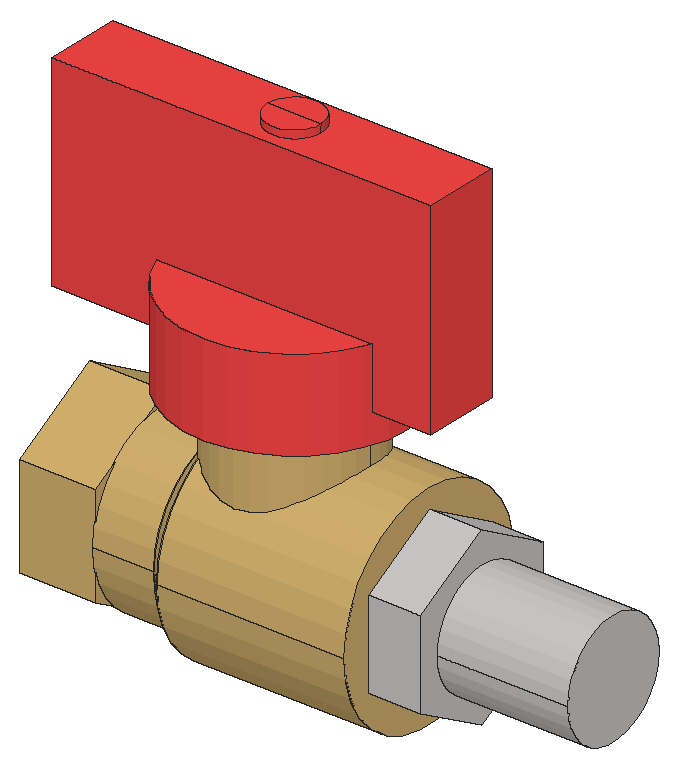
Revit family "Draining Ball Valve_DN10-15_RFA", category Pipe Accessories, Revit 2019
Family settings
  Round Connector Dimension = Use Diameter
  Part Type = Valve - Breaks Into
  Work Plane-Based = No
  Always vertical = Yes
  Cut with Voids When Loaded = No
  Shared = No
Parameters (values of type "Draining Ball Valve_DN15_065B7801")
  Valve Body Material = Danfoss Brass
  URL = "https://store.danfoss.com/en/Climate-Solutions-for-heating/Strainers/Strainers-for-District-Heating-and-District-Cooling/c/4071?q=%3Arelevance%3Adanfoss_producttypehierarchydesc%3A463f01af98c9a3e72848813a607d201b1b4320d1&text="
  Pressure Drop [instance] = 0.0 Pa
  Model Type = "Draining Ball Valve_DN15"
  Model = "065B7801"
  Manufacturer = "Danfoss"  # constant formula
  LOD 350 = not(LOD 200)  # yes
  LOD 200 = no
  L1 = 27 mm
  L8 = 22 mm
  L7 = 50 mm
  L6 = 10 mm
  L5 = 8 mm
  L4 = 2 mm
  L3 = 7 mm
  L2 = 17.3 mm
  L = 69 mm
  H1 = 20 mm
  H = 52 mm
  Flow [instance] = 0.0 L/s
  Description = "Draining Ball Valve"  # constant formula
  D4 = 23 mm
  D3 = 28 mm
  D2 = 24 mm
  D1 = 20 mm
  D = 15 mm
Types (2, lengths in mm): name | Model Type | Model | L1 | L8 | L7 | L6 | L5 | L4 | L3 | L2 | L | H1 | H | D4 | D3 | D2 | D1 | D
  Draining Ball Valve_DN10_065B7802 | "Draining Ball Valve_DN10" | "065B7802" | 20 | 20 | 43 | 8 | 6 | 1.5 | 5 | 10 | 52 | 12 | 36 | 15 | 16 | 13.856 | 12 | 10
  Draining Ball Valve_DN15_065B7801 | "Draining Ball Valve_DN15" | "065B7801" | 27 | 22 | 50 | 10 | 8 | 2 | 7 | 17.3 | 69 | 20 | 52 | 23 | 28 | 24 | 20 | 15
Reference planes
  plane 1 "Center (Front/Back)": y = 0
  plane 2: z = 0
  plane 3 "Center (Left/Right)": x = 0
  plane 4: x = 17.3
  plane 5: x = -51.7
  plane 6: x = -24.7
  plane 7: x = -41.7
  plane 8: x = -7
  plane 9: x = -33.7
  plane 10: x = -31.7
  plane 11: x = -52.7
  plane 12: x = -2.7
  plane 13: z = 52
  plane 14: z = 51
  plane 15: z = 20
  plane 16: z = 24
Forms (mm)
  Extrusion 1, solid, material "Danfoss Carbon Steel", visible <- "LOD 350", detail levels fine
    sketch origin (0, 0, 0) x (0, 1, 0) y (0, 0, 1)
      loop
        circle (0, 0) r 7.5
    from 0 to 17.3
  Extrusion 2, solid, material "Danfoss Carbon Steel", visible <- "LOD 350", detail levels fine
    sketch origin (0, 0, 0) x (0, 1, 0) y (0, 0, 1)
      loop
        line (-10, -5.774) -> (0, -11.547) -> (10, -5.774) -> (10, 5.774) -> (0, 11.547) -> (-10, 5.774) -> (-10, -5.774)
    from -7 to 0
  Extrusion 3, solid, material "Danfoss Brass" <- "Valve Body Material", visible <- "LOD 350", detail levels fine
    sketch origin (0, 0, 0) x (0, 1, 0) y (0, 0, 1)
      loop
        circle (0, 0) r 14
    from -31.7 to -7
  Blend 4, solid, material "Danfoss Brass" <- "Valve Body Material", visible <- "LOD 350", detail levels fine
    base sketch origin (0, 0, 0) x (0, 1, 0) y (0, 0, 1)
      loop
        circle (0, 0) r 14
    top sketch origin (0, 0, 0) x (0, 1, 0) y (0, 0, 1)
      loop
        circle (0, 0) r 12
    from -31.7 to -33.7
  Extrusion 5, solid, material "Danfoss Brass" <- "Valve Body Material", visible <- "LOD 350", detail levels fine
    sketch origin (0, 0, 0) x (0, 1, 0) y (0, 0, 1)
      loop
        circle (0, 0) r 12
    from -41.7 to -33.7
  Extrusion 6, solid, material "Danfoss Brass" <- "Valve Body Material", visible <- "LOD 350", detail levels fine
    sketch origin (0, 0, 0) x (0, 1, 0) y (0, 0, 1)
      loop
        line (-11.5, -6.64) -> (0, -13.279) -> (11.5, -6.64) -> (11.5, 6.64) -> (0, 13.279) -> (-11.5, 6.64) -> (-11.5, -6.64)
    from -51.7 to -41.7
  Extrusion 7, solid, material "Danfoss Brass" <- "Valve Body Material", detail levels fine
    sketch origin (0, 0, 0) x (1, 0, 0) y (0, 1, 0)
      loop
        circle (-24.7, 0) r 10
    from 0 to 20
  Revolve 8, solid, material "Danfoss Plastic Red", detail levels fine
    sketch origin (0, 0, 0) x (1, 0, 0) y (0, 0, 1)
      loop
        line (-39.7, 20) -> (-24.7, 20) -> (-24.7, 52) -> (-28.2, 52) -> (-28.2, 32) -> (-39.7, 32) -> (-39.7, 20)
      axis (-24.7, 52) -> (-24.7, 20)
    angle from 0 to 360
  Extrusion 9, solid, material "Danfoss Plastic Red", detail levels fine
    sketch origin (0, 0, 0) x (1, 0, 0) y (0, 1, 0)
      loop
        line (-52.7, 5) -> (-52.7, -5) -> (-2.7, -5) -> (-2.7, 5) -> (-52.7, 5)
    from 24 to 51
  Extrusion 10, solid, material "Danfoss Brass" <- "Valve Body Material", visible <- "LOD 200"
    sketch origin (0, 0, 0) x (0, 1, 0) y (0, 0, 1)
      loop
        circle (0, 0) r 14
    from -51.7 to -7
  Extrusion 11, solid, material "Danfoss Carbon Steel", visible <- "LOD 200"
    sketch origin (0, 0, 0) x (0, 1, 0) y (0, 0, 1)
      loop
        circle (0, 0) r 7.5
    from -7 to 17.3
Cuts and joins
  joined: Revolve 8, Extrusion 9
Dimensions and locks
  "L": plane 5 to plane 4
  "L6": plane 5 to plane 7
  "L5": plane 7 to plane 9
  "L4": plane 9 to plane 10
  "L7": plane 11 to plane 12
  locked: plane 13 to plane 14 at 1
  "H": plane 13 to plane 2
  "D1": Extrusion 2 sketch curve to Extrusion 2 sketch curve  (x3)
  equal spacing: Extrusion 2 sketch curve, plane 1 "Center (Front/Back)", Extrusion 2 sketch curve  (x3)
  equal spacing: Extrusion 6 sketch curve, plane 1 "Center (Front/Back)", Extrusion 6 sketch curve  (x3)
  "D4": Extrusion 6 sketch curve to Extrusion 6 sketch curve  (x3)
  "H1": plane 15 to plane 2
  locked: Revolve 8 sketch curve to plane 15 at 12
  equal spacing: Extrusion 9 sketch curve, plane 1 "Center (Front/Back)", Extrusion 9 sketch curve
  Extrusion 9 sketch curve to Extrusion 9 sketch curve = 10 mm
  plane 16 to plane 15 = 4 mm
  locked: Revolve 8 sketch curve to plane 7 at 2
  "L2": plane 3 "Center (Left/Right)" to plane 4
  "L3": plane 8 to plane 3 "Center (Left/Right)"
  "L1": plane 6 to plane 5
  plane 6 to Revolve 8 sketch curve = 3.5 mm
  "L8": plane 6 to plane 12
  "D": diameter of Extrusion 1 sketch curve
  "D3": diameter of Extrusion 3 sketch curve
  "D3": diameter of Blend 4 sketch curve
  "D2": diameter of Blend 4 sketch curve
  "D2": diameter of Extrusion 5 sketch curve
  "D1": diameter of Extrusion 7 sketch curve
  "D3": diameter of Extrusion 10 sketch curve
  "D": diameter of Extrusion 11 sketch curve
  angle Extrusion 6 sketch curve to Extrusion 6 sketch curve = 120.00°  (x3)
  angle Extrusion 2 sketch curve to Extrusion 2 sketch curve = 120.00°  (x3)
  aligned and locked: level to plane 2
  aligned and locked: plane 4 to Extrusion 1
  aligned and locked: Extrusion 2 to plane 8
  aligned and locked: Extrusion 3 to plane 10
  aligned and locked: plane 8 to Extrusion 3
  aligned and locked: Blend 4 to plane 10
  aligned and locked: Blend 4 to plane 9
  aligned and locked: Extrusion 5 to plane 7
  aligned and locked: plane 9 to Extrusion 5
  aligned and locked: Extrusion 6 to plane 5
  aligned and locked: plane 7 to Extrusion 6
  aligned and locked: plane 15 to Extrusion 7
  aligned and locked: Revolve 8 sketch curve to plane 13
  aligned and locked: Revolve 8 sketch curve to plane 15
  aligned and locked: Extrusion 9 sketch curve to plane 11
  aligned and locked: Extrusion 9 sketch curve to plane 12
  aligned and locked: plane 14 to Extrusion 9
  aligned and locked: Extrusion 9 to plane 16
  aligned and locked: plane 3 "Center (Left/Right)" to Extrusion 2
  aligned and locked: Extrusion 1 to plane 3 "Center (Left/Right)"
  aligned and locked: Revolve 8 sketch curve to plane 6
  aligned and locked: Revolve 8 sketch curve to Revolve 8 sketch curve  (x2)
  aligned and locked: plane 6 to Extrusion 7 sketch curve
  aligned and locked: plane 1 "Center (Front/Back)" to Extrusion 7 sketch curve
  aligned and locked: Extrusion 10 to plane 5
  aligned and locked: plane 8 to Extrusion 10
  aligned and locked: Extrusion 11 to plane 8
  aligned and locked: plane 4 to Extrusion 11
  aligned and locked: plane 4 to nested 1
Automatic sketch dimensions
  Revolve 8 sketch curve to plane 15 = 0 mm
  Extrusion 1 sketch curve to level = 0 mm
  Extrusion 1 sketch curve to plane 1 "Center (Front/Back)" = 0 mm
  Extrusion 3 sketch curve to level = 0 mm
  Extrusion 3 sketch curve to plane 1 "Center (Front/Back)" = 0 mm
  Blend 4 sketch curve to level = 0 mm  (x2)
  Blend 4 sketch curve to plane 1 "Center (Front/Back)" = 0 mm  (x2)
  Extrusion 5 sketch curve to level = 0 mm
  Extrusion 5 sketch curve to plane 1 "Center (Front/Back)" = 0 mm
  Extrusion 10 sketch curve to level = 0 mm
  Extrusion 10 sketch curve to plane 1 "Center (Front/Back)" = 0 mm
  Extrusion 11 sketch curve to level = 0 mm
  Extrusion 11 sketch curve to plane 1 "Center (Front/Back)" = 0 mm
Nested families
  nested 1: "Schematic_Ball Valve" at (-17.2, 0, 0), type "Schematic_Ball Valve", detail levels coarse+medium
Connectors
  piping at (17.3, 0, 0), diameter 15, driven by "D", driven by "Flow"
    settings: on Extrusion 1, index 1, connector inside diameter 609.6 mm, connector length 0 mm, flow factor 0, pipe flow 0.0 L/s, pressure drop 0.0 Pa, fitting loss kfactor 0, connector angle 0.00°, fixture units 0, engagement length 0 mm, angle of deflection 0.00°, flow configuration 0, flow direction 0, fitting loss method 0, system type 29, joint type 0, gender type 0, connector reference index 2, connector utility 0, adjustable connector no, is connector primary no, connector description ""
  piping at (-51.7, 0, 0), diameter 15, driven by "D"
    settings: on Extrusion 6, index 2, connector inside diameter 609.6 mm, connector length 0 mm, flow factor 0, pipe flow 0.0 L/s, pressure drop 0.0 Pa, fitting loss kfactor 0, connector angle 0.00°, fixture units 0, engagement length 0 mm, angle of deflection 0.00°, flow configuration 0, flow direction 0, fitting loss method 0, system type 29, joint type 0, gender type 0, connector reference index 1, connector utility 0, adjustable connector no, is connector primary yes, connector description ""
Definition of nested family "Schematic_Ball Valve"
  Parameters (values of type "Schematic_Ball Valve")
    L = 91 mm
    L1 = L / 2  # 45.5 mm
    D1 = L / 4  # 22.75 mm
    D = 26.449 mm
  Reference planes
    plane 1 "Center (Front/Back)": y = 0
    plane 2: z = 0
    plane 3 "Center (Left/Right)": x = 0
    plane 4: y = -13.224
    plane 5: x = -45.5
    plane 6: x = 45.5
    plane 7: y = 13.224
    plane 8: x = -22.75
    plane 9: x = 22.75
    plane 10: z = 13.224
    plane 11: z = -13.224
  Lines and regions (mm)
    model lines
      curve 1: line (-45.5, 0, 13.224) -> (-45.5, 0, -13.224)
      curve 2: line (-45.5, 0, -13.224) -> (-10.829, 0, -3.482)
      curve 3: line (-10.829, 0, 3.482) -> (-45.5, 0, 13.224)
      curve 4: line (45.5, 0, 13.224) -> (10.829, 0, 3.482)
      curve 5: line (45.5, 0, -13.224) -> (10.829, 0, -3.482)
      curve 6: line (45.5, 0, -13.224) -> (45.5, 0, 13.224)
      curve 13: circle (0, 0, 0) r 11.375 normal (0, -1, 0)
    symbolic lines
      curve 7: line (-45.5, 13.224, 0) -> (-45.5, -13.224, 0)
      curve 8: line (-45.5, -13.224, 0) -> (-10.923, -3.175, 0)
      curve 9: line (-45.5, 13.224, 0) -> (-10.889, 3.165, 0)
      curve 10: line (45.5, 13.224, 0) -> (10.923, 3.175, 0)
      curve 11: line (45.5, -13.224, 0) -> (10.923, -3.175, 0)
      curve 12: line (45.5, -13.224, 0) -> (45.5, 13.224, 0)
      curve 14: circle (0, 0, 0) r 11.375 normal (0, 0, 1)
  Dimensions and locks
    equal spacing: plane 5, plane 3 "Center (Left/Right)", plane 6
    equal spacing: plane 4, plane 1 "Center (Front/Back)", plane 7
    equal spacing: plane 8, plane 3 "Center (Left/Right)", plane 9
    equal spacing: plane 10, level, plane 11
    "D": plane 4 to plane 7
    "L1": plane 8 to plane 9
    "D": plane 10 to plane 11
    "L": plane 5 to plane 6
    "D1": diameter of curve 14
    "D1": diameter of curve 13
    aligned and locked: level to plane 2
    aligned and locked: plane 6 to curve 6
  Automatic sketch dimensions
    curve 1 to plane 5 = 0 mm
    curve 13 to level = 0 mm
    curve 13 to plane 3 "Center (Left/Right)" = 0 mm
    curve 1 to plane 11 = 0 mm
    curve 5 to plane 11 = 0 mm
    curve 3 to plane 10 = 0 mm
    curve 4 to plane 10 = 0 mm
    level to curve 3 = 3.482 mm
    curve 2 to level = 3.482 mm
    curve 5 to level = 3.482 mm
    level to curve 4 = 3.482 mm
    plane 4 to curve 7 = 0 mm
    curve 7 to plane 5 = 0 mm
    plane 1 "Center (Front/Back)" to curve 14 = 0 mm
    curve 14 to plane 3 "Center (Left/Right)" = 0 mm
    plane 4 to curve 12 = 0 mm
    curve 12 to plane 6 = 0 mm
    plane 7 to curve 9 = 0 mm
    plane 7 to curve 10 = 0 mm
    plane 1 "Center (Front/Back)" to curve 8 = 3.175 mm
    curve 9 to plane 1 "Center (Front/Back)" = 3.165 mm
    curve 8 to curve 9 = 0.034 mm
    plane 1 "Center (Front/Back)" to curve 11 = 3.175 mm
    curve 10 to plane 1 "Center (Front/Back)" = 3.175 mm
